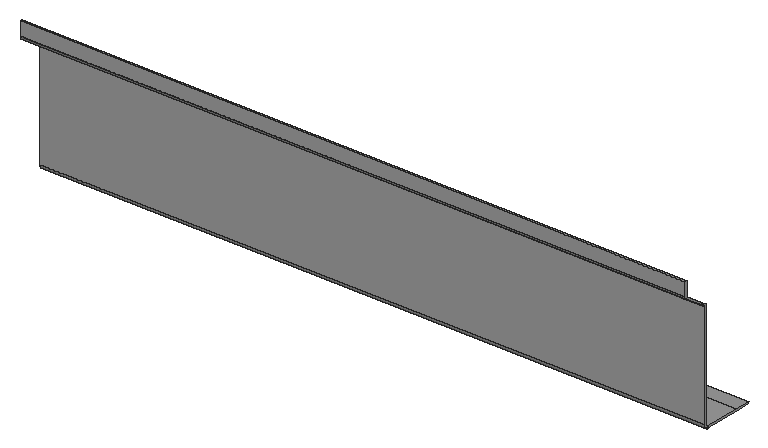
Revit family "HDT K 50", category Generic Models, Revit 2014
Parameters (values of type "Max lintel length 3000mm")
  URL = "http://www.keystonelintels.co.uk"
  Structural Opening [instance] = 900 mm
  Structural Performance = "The Keystone lintel range has safe working loads as detailed in each applicable loading table in the Keystone Lintel Guide brochure. The structural performance figures within each table have been ascertained by testing in accordance with the requirements of standards BS EN 5977-2: 1983 and BS EN 845-2: 2003."
  RIBA Productor Selector = "available for Keystone Lintels Ltd from Keystone Lintels Ltd from ribaproductselector.com"
  Model = "HDT/K 50"
  Min Length = 600 mm
  Min Clear Span = 300 mm
  Max Length = 3000 mm
  Max Clear Span = 3000 mm
  Material - Stainless Steel = "Grade 304 2b 1.4307 to BS EN 10088-2. Other grades available on request: contact manufacturer."
  Material - Galvanised Steel = "To BS EN 10346: 2009. DX51D plus Z600 or grade Z275 to BS 5977-2: 1983 (BS EN 845-2: 2003)."
  Manufacturer = "Keystone"
  Manufactured Length [instance] = (roundup(Effective Length / 150 mm) * 150 mm)  # 1200 mm
  Lintel height [instance] = 2100 mm
  Keynote = "F30/755"
  Fire Performance = "Keystone lintels have been subjected to a fire test (WARRES No. 101263) in accordance with BS 476-20: 1987, at Exova Warrington Fire and achieved a one hour fire performance."
  End Bearing = 150 mm
  Effective Length [instance] = Clear Opening with MIN MAX set + End Bearing * 2  # 1200 mm
  Corrosion = "Keystone’s standard range of lintels are manufactured from high quality grade pre-galvanized carbon steel with a zinc coating of 600"
  Contact Tel = "+44 (0)28 8676 2184"
  Contact Email = "info@keystonelintels.co.uk"
  Clear Opening with MIN MAX set [instance] = if(Structural Opening < Min Clear Span, Min Clear Span, (if(Structural Opening > Max Clear Span, Max Clear Span, Structural Opening)))  # 900 mm
  CPD Information = "Available for Keystone Lintels Ltd from ribacpd.com"
Reference planes
  plane 1 "Center (Front/Back)": y = 0
  plane 2: z = 0
  plane 3 "Center (Left/Right)": x = 0
  plane 4: x = -600
  plane 5: x = 600
  plane 6: z = 2100
  plane 7: x = -450
  plane 8: x = 450
Forms (mm)
  Extrusion 1, solid, material "Steel"
    sketch origin (0, 743.686, -480.677) x (0, 1, 0) y (0, 0, 1)
      loop
        line (-645.598, 2579.806) -> (-645.486, 2583.004) -> (-670.486, 2583.877) -> (-735.786, 2583.877)
        arc (-735.786, 2583.877) -> (-739.11, 2585.253) -> (-740.486, 2588.577) r 4.7
        line (-740.486, 2588.577) -> (-740.486, 2780.542)
        arc (-740.486, 2780.542) -> (-741.073, 2782.941) -> (-742.701, 2784.8) r 5.2
        line (-742.701, 2784.8) -> (-784.434, 2814.057)
        arc (-784.434, 2814.057) -> (-785.06, 2814.772) -> (-785.286, 2815.695) r 2
        line (-785.286, 2815.695) -> (-785.286, 2840.677) -> (-788.486, 2840.677) -> (-788.486, 2815.695)
        arc (-788.486, 2815.695) -> (-787.899, 2813.295) -> (-786.271, 2811.437) r 5.2
        line (-786.271, 2811.437) -> (-744.538, 2782.179)
        arc (-744.538, 2782.179) -> (-743.912, 2781.465) -> (-743.686, 2780.542) r 2
        line (-743.686, 2780.542) -> (-743.686, 2588.577)
        arc (-743.686, 2588.577) -> (-741.372, 2582.99) -> (-735.786, 2580.677) r 7.9
        line (-735.786, 2580.677) -> (-670.542, 2580.677) -> (-645.598, 2579.806)
    from -600 to 600
  Extrusion 2, solid, not visible
    sketch origin (0, 892.771, 1242.963) x (0, 1, 0) y (0, 0, 1)
      loop
        line (-645.598, 979.806) -> (-645.486, 983.004) -> (-670.486, 983.877) -> (-735.786, 983.877)
        arc (-735.786, 983.877) -> (-739.11, 985.253) -> (-740.486, 988.577) r 4.7
        line (-740.486, 988.577) -> (-740.486, 1180.542)
        arc (-740.486, 1180.542) -> (-741.073, 1182.941) -> (-742.701, 1184.8) r 5.2
        line (-742.701, 1184.8) -> (-784.434, 1214.057)
        arc (-784.434, 1214.057) -> (-785.06, 1214.772) -> (-785.286, 1215.695) r 2
        line (-785.286, 1215.695) -> (-785.286, 1240.677) -> (-788.486, 1240.677) -> (-788.486, 1215.695)
        arc (-788.486, 1215.695) -> (-787.899, 1213.295) -> (-786.271, 1211.437) r 5.2
        line (-786.271, 1211.437) -> (-744.538, 1182.179)
        arc (-744.538, 1182.179) -> (-743.912, 1181.465) -> (-743.686, 1180.542) r 2
        line (-743.686, 1180.542) -> (-743.686, 988.577)
        arc (-743.686, 988.577) -> (-741.372, 982.99) -> (-735.786, 980.677) r 7.9
        line (-735.786, 980.677) -> (-670.542, 980.677) -> (-645.598, 979.806)
    from 0 to 250
Dimensions and locks
  equal spacing: plane 4, plane 3 "Center (Left/Right)", plane 5
  "Manufactured Length": plane 4 to plane 5
  "Lintel height": plane 6 to level
  "Structural Opening": plane 7 to plane 8
  equal spacing: plane 7, plane 3 "Center (Left/Right)", plane 8
  aligned and locked: level to plane 2
  aligned and locked: Extrusion 1 to plane 6
  aligned and locked: plane 5 to Extrusion 1
  aligned and locked: Extrusion 1 to plane 4
Automatic sketch dimensions
  Extrusion 1 sketch curve to Extrusion 1 sketch curve = 24.944 mm
  Extrusion 1 sketch curve to Extrusion 1 sketch curve = 0.112 mm
  Extrusion 1 sketch curve to Extrusion 1 sketch curve = 0.871 mm
  Extrusion 1 sketch curve to Extrusion 1 sketch curve = 0.056 mm
  Extrusion 1 sketch curve to Extrusion 1 sketch curve = 65.244 mm
  Extrusion 1 sketch curve to Extrusion 1 sketch curve = 4.7 mm
  Extrusion 1 sketch curve to Extrusion 1 sketch curve = 191.965 mm
  Extrusion 1 sketch curve to Extrusion 1 sketch curve = 0 mm  (x12)
  Extrusion 1 sketch curve to Extrusion 1 sketch curve = 2 mm
  Extrusion 1 sketch curve to Extrusion 1 sketch curve = 0.852 mm
  Extrusion 1 sketch curve to Extrusion 1 sketch curve = 1.837 mm  (x2)
  Extrusion 1 sketch curve to Extrusion 1 sketch curve = 41.733 mm
  Extrusion 1 sketch curve to Extrusion 1 sketch curve = 29.257 mm
  Extrusion 1 sketch curve to Extrusion 1 sketch curve = 2.62 mm
  Extrusion 1 sketch curve to Extrusion 1 sketch curve = 1.148 mm
  Extrusion 1 sketch curve to Extrusion 1 sketch curve = 1.638 mm
  Extrusion 1 sketch curve to Extrusion 1 sketch curve = 24.982 mm
  Extrusion 2 sketch curve to Extrusion 2 sketch curve = 24.944 mm
  Extrusion 2 sketch curve to Extrusion 2 sketch curve = 0.112 mm
  Extrusion 2 sketch curve to Extrusion 2 sketch curve = 0.871 mm
  Extrusion 2 sketch curve to Extrusion 2 sketch curve = 0.056 mm
  Extrusion 2 sketch curve to Extrusion 2 sketch curve = 65.244 mm
  Extrusion 2 sketch curve to Extrusion 2 sketch curve = 4.7 mm
  Extrusion 2 sketch curve to Extrusion 2 sketch curve = 191.965 mm
  Extrusion 2 sketch curve to Extrusion 2 sketch curve = 0 mm  (x12)
  Extrusion 2 sketch curve to Extrusion 2 sketch curve = 2 mm
  Extrusion 2 sketch curve to Extrusion 2 sketch curve = 0.852 mm
  Extrusion 2 sketch curve to Extrusion 2 sketch curve = 1.837 mm  (x2)
  Extrusion 2 sketch curve to Extrusion 2 sketch curve = 41.733 mm
  Extrusion 2 sketch curve to Extrusion 2 sketch curve = 29.257 mm
  Extrusion 2 sketch curve to Extrusion 2 sketch curve = 2.62 mm
  Extrusion 2 sketch curve to Extrusion 2 sketch curve = 1.148 mm
  Extrusion 2 sketch curve to Extrusion 2 sketch curve = 1.638 mm
  Extrusion 2 sketch curve to Extrusion 2 sketch curve = 24.982 mm
  Extrusion 1 sketch curve to plane 1 "Center (Front/Back)" = 0 mm
  Extrusion 1 sketch curve to plane 6 = 0 mm
